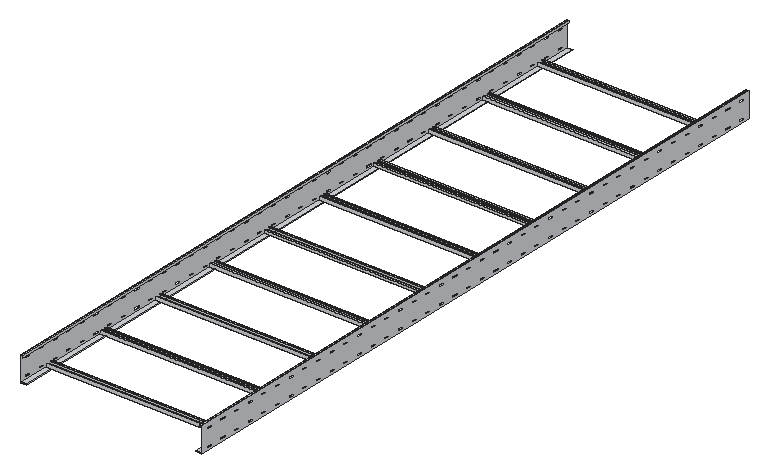
Revit family "Kabelleiter SCLS 1180 3 FTSO", category Generic Models, Revit 2017 (continued)
Automatic sketch dimensions
  Extrusion 3 sketch curve to plane 15 = 0 mm
  Extrusion 3 sketch curve to plane 14 = 0 mm  (x2)
  Extrusion 3 sketch curve to Extrusion 3 sketch curve = 11 mm
  Extrusion 3 sketch curve to Extrusion 3 sketch curve = 2 mm
  Extrusion 4 sketch curve to plane 21 = 0 mm
  Extrusion 4 sketch curve to plane 20 = 0 mm  (x2)
  Extrusion 4 sketch curve to Extrusion 4 sketch curve = 11 mm
  Extrusion 4 sketch curve to Extrusion 4 sketch curve = 2 mm
  Extrusion 5 sketch curve to plane 27 = 0 mm
  Extrusion 5 sketch curve to plane 26 = 0 mm  (x2)
  Extrusion 5 sketch curve to Extrusion 5 sketch curve = 11 mm
  Extrusion 5 sketch curve to Extrusion 5 sketch curve = 2 mm
  Extrusion 6 sketch curve to plane 33 = 0 mm
  Extrusion 6 sketch curve to plane 32 = 0 mm  (x2)
  Extrusion 6 sketch curve to Extrusion 6 sketch curve = 11 mm
  Extrusion 6 sketch curve to Extrusion 6 sketch curve = 2 mm
  Extrusion 7 sketch curve to plane 39 = 0 mm
  Extrusion 7 sketch curve to plane 38 = 0 mm  (x2)
  Extrusion 7 sketch curve to Extrusion 7 sketch curve = 11 mm
  Extrusion 7 sketch curve to Extrusion 7 sketch curve = 2 mm
  Extrusion 8 sketch curve to plane 45 = 0 mm
  Extrusion 8 sketch curve to plane 44 = 0 mm  (x2)
  Extrusion 8 sketch curve to Extrusion 8 sketch curve = 11 mm
  Extrusion 8 sketch curve to Extrusion 8 sketch curve = 2 mm
  Extrusion 9 sketch curve to plane 51 = 0 mm
  Extrusion 9 sketch curve to plane 50 = 0 mm  (x2)
  Extrusion 9 sketch curve to Extrusion 9 sketch curve = 11 mm
  Extrusion 9 sketch curve to Extrusion 9 sketch curve = 2 mm
  Extrusion 10 sketch curve to plane 57 = 0 mm
  Extrusion 10 sketch curve to plane 56 = 0 mm  (x2)
  Extrusion 10 sketch curve to Extrusion 10 sketch curve = 11 mm
  Extrusion 10 sketch curve to Extrusion 10 sketch curve = 2 mm
  Extrusion 11 sketch curve to plane 63 = 0 mm
  Extrusion 11 sketch curve to plane 62 = 0 mm  (x2)
  Extrusion 11 sketch curve to Extrusion 11 sketch curve = 11 mm
  Extrusion 11 sketch curve to Extrusion 11 sketch curve = 2 mm
